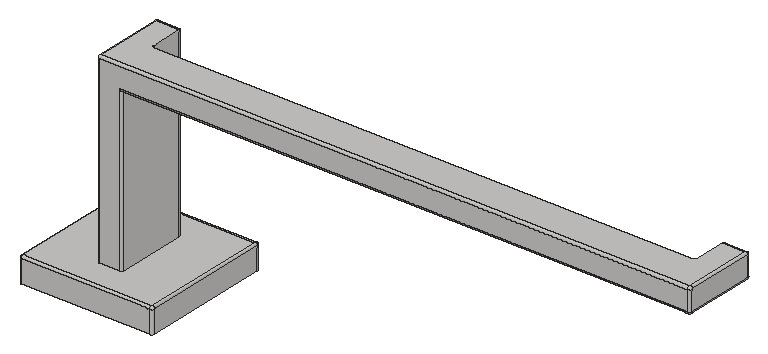
Revit family "PRD_FrankeWS_TwlRls_CUBUSTowelArm_CUBX004HP", category Specialty Equipment, host Face, Revit 2018
Family settings
  Host = Face
  Round Connector Dimension = Use Diameter
  Part Type = Normal
  OmniClass Number = 23.40.20.21.27
  OmniClass Title = Towel Bars
  Cut with Voids When Loaded = No
  Shared = No
  Room Calculation Point = No
Parameters (values of type "CUBX004HP")
  WarrantyStartDate [instance] = "1900-12-31T23:59:59"
  WarrantyGuarantorParts = "n/a"
  WarrantyGuarantorLabor = "n/a"
  WarrantyDurationUnit = "year"
  WarrantyDurationParts = "n/a"
  WarrantyDurationLabor = "n/a"
  WarrantyDescription = "n/a"
  Version = "1"
  Uniclass2015Version = "Products v1.17"
  Uniclass2015Title = "Towel rails"
  Uniclass2015Code = "Pr_40_20_76_90"
  URL = "www.kwc.com"
  TypeOfMounting = "Wall mounting"
  TypeOfFixing = "Screw"
  TagNumber [instance] = "n/a"
  SustainabilityPerformance = "n/a"
  Style = "Towel arm"
  Size = "262 x 54 x 85 mm"
  Shape = "n/a"
  SerialNumber [instance] = "n/a"
  Revision = "n/a"
  ReplacementCost = "n/a"
  RailMaterial = PRD_AR_StainlessSteel_HighPolished
  ProductInformation = "https://pim.kwc.com/product/2000106351/attachment/datasheet?locale=en"
  NominalWidth = 262.00 mm
  NominalHeight = 54.00 mm
  NominalDepth = 85.00 mm
  NetWeight = 0.58 kg
  Name = "Towel Arm CUBX004HP"
  NBSTypeID = "n/a"
  NBSReference = "45-35-72/372"
  NBSOfficeMasterTag = "n/a"
  NBSNote = "n/a"
  NBSDescription = "Towel rails"
  NBSCertification = "n/a"
  ModelReference = "CUBX004HP"
  ModelNumber = "2000106351"
  Model = ModelReference  # "CUBX004HP"
  MaterialCode = "1.4301"
  Material = "stainless steel"
  ManufacturerURL = "www.kwc.com"
  ManufacturerName = "KWC Group AG"  # constant formula
  Manufacturer = ManufacturerName  # "KWC Group AG"
  MainColor = "stainless steel"
  IsBuiltIn = "TRUE"
  IntegralAccessories = "incl. stainless steel screws and dowels"
  InstallationDate [instance] = "1900-12-31T23:59:59"
  IfcExportType = "USERDEFINED"
  IfcExportAs = "IfcFurnitureType"
  GrossWeight = 0.67 kg
  Grade = "n/a"
  Finish = "high polished"
  Features = "stainless steel, surface high polished"
  ExpectedLife = "n/a"
  DurationUnit = "year"
  Description = "Towel arm for wall mounting, 304 stainless steel, square covers with drilled hole on bottom for fixation, inclusive stainless steel screws and dowels."
  Default Elevation = 1200.00 mm
  CreateOn = "05/2020"  # constant formula
  Constituents = "n/a"
  Color = "n/a"
  CodePerformance = "n/a"
  Category = "Pr_40_20_76_90, Towel rails"
  BarCode [instance] = "n/a"
  BIMObjectName = "PRD_AR_TowelRails_CUBUSTowelArm_CUBX004HP"
  Author = "Archispace"  # constant formula
  AssetType = "Fixed"
  AssetIdentifier [instance] = "n/a"
  AccessibilityPerformance = "n/a"
Reference planes
  plane 1 "Center (Front/Back)": y = 0
  plane 2: z = 0
  plane 3 "Center (Left/Right)": x = 0
  plane 4: through (0, 126.53, 100.48) normal (0, -0.7071, 0.7071)
  plane 5: through (0, -10.935, 59.177) normal (0, -0.1736, 0.9848)
  plane 6: y = 27
  plane 7: y = -27
Forms (mm)
  Extrusion 1, solid, material "PRD_AR_StainlessSteel_HighPolished" <- "RailMaterial", detail levels fine
    sketch origin (273, 0, 0) x (1, 0, 0) y (0, 1, 0)
      loop
        line (-300, 26) -> (-300, -26)
        arc (-300, -26) -> (-299.707, -26.707) -> (-299, -27) r 1
        line (-299, -27) -> (-247, -27)
        arc (-247, -27) -> (-246.293, -26.707) -> (-246, -26) r 1
        line (-246, -26) -> (-246, 26)
        arc (-246, 26) -> (-246.293, 26.707) -> (-247, 27) r 1
        line (-247, 27) -> (-299, 27)
        arc (-299, 27) -> (-299.707, 26.707) -> (-300, 26) r 1
    from 0 to 10
  Sweep 2, void
    path in 3D
      loop
        arc (-27, -26, 10) -> (-26.707, -26.707, 10) -> (-26, -27, 10) r 1
        line (-26, -27, 10) -> (26, -27, 10)
        arc (26, -27, 10) -> (26.707, -26.707, 10) -> (27, -26, 10) r 1
        line (27, -26, 10) -> (27, 26, 10)
        arc (27, 26, 10) -> (26.707, 26.707, 10) -> (26, 27, 10) r 1
        line (26, 27, 10) -> (-26, 27, 10)
        arc (-26, 27, 10) -> (-26.707, 26.707, 10) -> (-27, 26, 10) r 1
        line (-27, 26, 10) -> (-27, -26, 10)
    profile origin (-27, 0, 10) x (1, 0, 0) y (0, 0, 1)
      loop
        line (0, 0) -> (0, -0.9)
        arc (0, -0.9) -> (0.264, -0.264) -> (0.9, 0) r 0.9
        line (0.9, 0) -> (0, 0)
  Sweep 3, solid, material "PRD_AR_StainlessSteel_HighPolished" <- "RailMaterial", detail levels fine
    path origin (273, 0, 0) x (1, 0, 0) y (0, 0, 1)
      loop
        line (-273, 10) -> (-273, 80) -> (-38, 80)
    profile origin (0, 0, 45) x (-1, 0, 0) y (0, -1, 0)
      loop
        line (5, -14) -> (5, 14)
        arc (5, 14) -> (4.707, 14.707) -> (4, 15) r 1
        line (4, 15) -> (-4, 15)
        arc (-4, 15) -> (-4.707, 14.707) -> (-5, 14) r 1
        line (-5, 14) -> (-5, -14)
        arc (-5, -14) -> (-4.707, -14.707) -> (-4, -15) r 1
        line (-4, -15) -> (4, -15)
        arc (4, -15) -> (4.707, -14.707) -> (5, -14) r 1
  Extrusion 4, void
    sketch origin (273, 0, 0) x (1, 0, 0) y (0, 0, 1)
      loop
        line (-278, 85) -> (-278, 84)
        arc (-278, 84) -> (-277.707, 84.707) -> (-277, 85) r 1
        line (-277, 85) -> (-278, 85)
    from -20.589 to 15
  Sweep 5, void
    path in 3D
      loop
        arc (235, -15, 76) -> (235, -14.707, 75.293) -> (235, -14, 75) r 1
        line (235, -14, 75) -> (235, 14, 75)
        arc (235, 14, 75) -> (235, 14.707, 75.293) -> (235, 15, 76) r 1
        line (235, 15, 76) -> (235, 15, 84)
        arc (235, 15, 84) -> (235, 14.707, 84.707) -> (235, 14, 85) r 1
        line (235, 14, 85) -> (235, -14, 85)
        arc (235, -14, 85) -> (235, -14.707, 84.707) -> (235, -15, 84) r 1
        line (235, -15, 84) -> (235, -15, 76)
    profile origin (235, -15, 80) x (1, 0, 0) y (0, 1, 0)
      loop
        line (0, 0) -> (0, 0.9)
        arc (0, 0.9) -> (-0.264, 0.264) -> (-0.9, 0) r 0.9
        line (-0.9, 0) -> (0, 0)
  Extrusion 6, void
    sketch origin (273, 0, 0) x (1, 0, 0) y (0, 1, 0)
      loop
        line (-268, 15) -> (-269, 15)
        arc (-269, 15) -> (-268.293, 14.707) -> (-268, 14) r 1
        line (-268, 14) -> (-268, 1)
        arc (-268, 1) -> (-267.707, 0.293) -> (-267, 0) r 1
        line (-267, 0) -> (-49, 0)
        arc (-49, 0) -> (-48.293, 0.293) -> (-48, 1) r 1
        line (-48, 1) -> (-48, 14)
        arc (-48, 14) -> (-47.707, 14.707) -> (-47, 15) r 1
        line (-47, 15) -> (-48, 15) -> (-268, 15)
    from 75 to 85
  Extrusion 7, solid, material "PRD_AR_StainlessSteel_HighPolished" <- "RailMaterial", detail levels medium
    sketch origin (273, 0, 0) x (1, 0, 0) y (0, 1, 0)
      loop
        line (-300, 27) -> (-300, -27) -> (-246, -27) -> (-246, 27) -> (-300, 27)
    from 0 to 10
  Sweep 8, solid, material "PRD_AR_StainlessSteel_HighPolished" <- "RailMaterial", detail levels medium
    path origin (273, 0, 0) x (1, 0, 0) y (0, 0, 1)
      loop
        line (-273, 10) -> (-273, 80) -> (-38, 80)
    profile origin (0, 0, 45) x (-1, 0, 0) y (0, -1, 0)
      loop
        line (5, -15) -> (5, 15) -> (-5, 15) -> (-5, -15) -> (5, -15)
  Extrusion 9, solid, material "PRD_AR_StainlessSteel_HighPolished" <- "RailMaterial", detail levels coarse
    sketch origin (323, 0, 0) x (1, 0, 0) y (0, 1, 0)
      loop
        line (-350, 27) -> (-350, -27) -> (-88, -27) -> (-88, 27) -> (-350, 27)
    from 0 to 85
Cuts and joins
  Sweep 2 cuts Extrusion 1
  Extrusion 4, Sweep 5, Extrusion 6 cuts Sweep 3
Lines and regions (mm)
  sketch lines
    curve 1: line (-27, 26, 10) -> (-27, -26, 10)
    curve 2: arc (-27, 26, 10) -> (-26.707, 26.707, 10) -> (-26, 27, 10) r 1
    curve 3: line (26, 27, 10) -> (-26, 27, 10)
    curve 4: arc (26, 27, 10) -> (26.707, 26.707, 10) -> (27, 26, 10) r 1
    curve 5: line (27, -26, 10) -> (27, 26, 10)
    curve 6: arc (-26, -27, 10) -> (-26.707, -26.707, 10) -> (-27, -26, 10) r 1
    curve 7: line (-26, -27, 10) -> (26, -27, 10)
    curve 8: arc (27, -26, 10) -> (26.707, -26.707, 10) -> (26, -27, 10) r 1
    curve 9: line (235, -15, 84) -> (235, -15, 76)
    curve 10: arc (235, -15, 84) -> (235, -14.707, 84.707) -> (235, -14, 85) r 1
    curve 11: line (235, 14, 85) -> (235, -14, 85)
    curve 12: arc (235, 14, 85) -> (235, 14.707, 84.707) -> (235, 15, 84) r 1
    curve 13: line (235, 15, 76) -> (235, 15, 84)
    curve 14: arc (235, 15, 76) -> (235, 14.707, 75.293) -> (235, 14, 75) r 1
    curve 15: line (235, -14, 75) -> (235, 14, 75)
    curve 16: arc (235, -14, 75) -> (235, -14.707, 75.293) -> (235, -15, 76) r 1
Dimensions and locks
  plane 1 "Center (Front/Back)" to plane 7 = 27.00 mm
  plane 1 "Center (Front/Back)" to plane 6 = 27.00 mm
  aligned and locked: plane 2 to host face
  aligned and locked: level to host face
